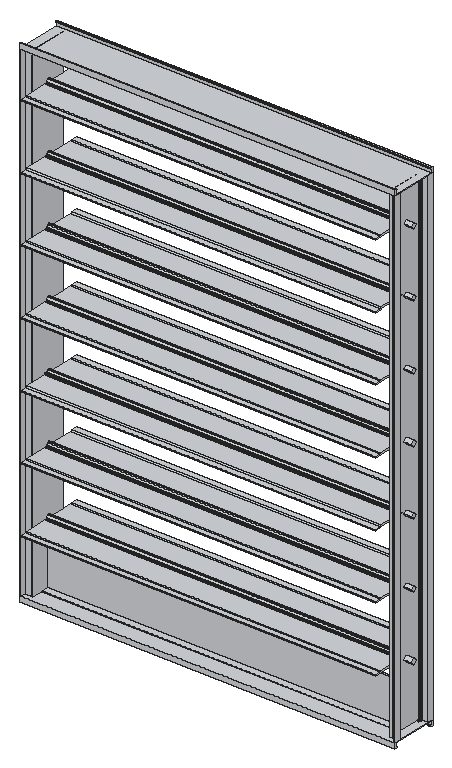
Revit family "MD-105,106", category Mechanical Equipment, Revit 2015
Parameters
  URL = "https://unitedenertech.com/catalog/pdf/A_25,%2026%20MD-105,106.pdf"
  Type Comments = "Max. Single Section Size is (48\"w x 60\"h)"
  Model = "MD-105, MD-106"
  Manufacturer = "United Enertech Corporation"
  Keynote = "This model is only a representation of the product, blade position will vary from built dampers."
  Exact Width = 3' - 0"
  Exact Height = 4' - 0"
  Description = "Opposed Blade / Parallel Blade Manual Balancing Damper"
  Blade Spacing = 0' - 6 1/4"
  Blade Number [instance] = rounddown((Exact Height - 0' 2 3/4") / Blade Spacing)  # 7
  BW [instance] = Exact Width - 0' 1 15/16"  # 2' - 10 1/16"
Reference planes (in)
  plane 1 "Center (Front/Back)": y = 0
  plane 2: z = 0
  plane 3 "Center (Left/Right)": x = 0
  plane 4: x = -18
  plane 5: x = 18
  plane 6: z = 48
  plane 7: z = 0.5
  plane 8: z = 47.5
  plane 9: x = -17.125
  plane 10: x = 17.125
  plane 11: z = 43.95446
Forms (in)
  Extrusion 1, solid
    sketch origin (-10.94563, 56.53311, 0) x (0, 1, 0) y (-1, 0, 0)
      loop
        line (-56.53311, 6.97437) -> (-56.07011, 6.97437) -> (-56.07011, 6.17937) -> (-52.49611, 6.17937) -> (-52.49611, 6.97437) -> (-52.03311, 6.97437) -> (-52.03311, 7.05437) -> (-52.57611, 7.05437) -> (-52.57611, 6.46516) -> (-52.61757, 6.51649) -> (-52.6794, 6.56048) -> (-52.75426, 6.58054) -> (-52.77072, 6.48933)
        arc (-52.77072, 6.48933) -> (-52.68095, 6.36712) -> (-52.81664, 6.43482) r 0.078
        line (-52.81664, 6.43482) -> (-52.90129, 6.4267) -> (-52.87778, 6.33896) -> (-52.8428, 6.29687) -> (-52.79089, 6.25937) -> (-55.76027, 6.25937) -> (-55.71053, 6.30912) -> (-55.67609, 6.36632) -> (-55.67078, 6.44579) -> (-55.75297, 6.44579)
        arc (-55.75297, 6.44579) -> (-55.87883, 6.36035) -> (-55.80226, 6.4918) r 0.078
        line (-55.80226, 6.4918) -> (-55.81534, 6.5768) -> (-55.90864, 6.5518) -> (-55.94901, 6.51604) -> (-55.99011, 6.45116) -> (-55.99011, 7.05437) -> (-56.53311, 7.05437) -> (-56.53311, 6.97437)
    from 0.5 to 47.5
  Extrusion 2, solid
    sketch origin (10.94563, 56.53311, 0) x (0, 1, 0) y (-1, 0, 0)
      loop
        line (-56.53311, -6.97437) -> (-56.53311, -7.05437) -> (-55.99011, -7.05437) -> (-55.99011, -6.45116) -> (-55.94901, -6.51604) -> (-55.90864, -6.5518) -> (-55.81534, -6.5768) -> (-55.80226, -6.4918)
        arc (-55.80226, -6.4918) -> (-55.87883, -6.36035) -> (-55.75297, -6.44579) r 0.078
        line (-55.75297, -6.44579) -> (-55.67078, -6.44579) -> (-55.67609, -6.36632) -> (-55.71053, -6.30912) -> (-55.76027, -6.25937) -> (-52.79089, -6.25937) -> (-52.8428, -6.29687) -> (-52.87778, -6.33896) -> (-52.90129, -6.4267) -> (-52.81664, -6.43482)
        arc (-52.81664, -6.43482) -> (-52.68095, -6.36712) -> (-52.77072, -6.48933) r 0.078
        line (-52.77072, -6.48933) -> (-52.75426, -6.58054) -> (-52.6794, -6.56048) -> (-52.61757, -6.51649) -> (-52.57611, -6.46516) -> (-52.57611, -7.05437) -> (-52.03311, -7.05437) -> (-52.03311, -6.97437) -> (-52.49611, -6.97437) -> (-52.49611, -6.17937) -> (-56.07011, -6.17937) -> (-56.07011, -6.97437) -> (-56.53311, -6.97437)
    from 0.5 to 47.5
  Extrusion 3, solid
    sketch origin (-23.46325, -52.03311, -12.20737) x (0, -1, 0) y (0, 0, 1)
      loop
        line (-56.34511, 12.28737) -> (-56.45311, 12.28737) -> (-56.45311, 12.62737) -> (-52.11311, 12.62737) -> (-52.11311, 12.28737) -> (-52.22111, 12.28737) -> (-52.22111, 12.20737) -> (-52.03311, 12.20737) -> (-52.03311, 12.70737) -> (-56.53311, 12.70737) -> (-56.53311, 12.20737) -> (-56.34511, 12.20737) -> (-56.34511, 12.28737)
    from -41.46325 to -5.46325
  Extrusion 4, solid
    sketch origin (-35.31788, -52.03311, 54.20737) x (0, -1, 0) y (0, 0, -1)
      loop
        line (-56.34511, 6.28737) -> (-56.45311, 6.28737) -> (-56.45311, 6.62737) -> (-52.11311, 6.62737) -> (-52.11311, 6.28737) -> (-52.22111, 6.28737) -> (-52.22111, 6.20737) -> (-52.03311, 6.20737) -> (-52.03311, 6.70737) -> (-56.53311, 6.70737) -> (-56.53311, 6.20737) -> (-56.34511, 6.20737) -> (-56.34511, 6.28737)
    from 17.31788 to 53.31788
  Extrusion 5, solid
    sketch origin (-54.80861, -46.85261, 19.59636) x (0, -1, 0) y (0, 0, -1)
      loop
        line (-49.18361, -27.40464) -> (-49.18361, -27.90364) -> (-48.43361, -27.90364) -> (-48.43361, -27.82364) -> (-49.10261, -27.82364) -> (-49.10261, -27.40464) -> (-49.18361, -27.40464)
    from 37.68361 to 71.93361
  Extrusion 6, solid
    sketch origin (0, 7.30319, -4.76393) x (0, 1, 0) y (0, 0, 1)
      loop
        line (-5.05319, 5.26393) -> (-5.05319, 9.26393) -> (-5.13572, 9.26393) -> (-5.13572, 5.34205) -> (-5.80319, 5.34205) -> (-5.80319, 5.26393) -> (-5.05319, 5.26393)
    from -17.125 to 17.125
Dimensions and locks (in)
  equal spacing: plane 4, plane 3 "Center (Left/Right)", plane 5
  "Exact Width": plane 4 to plane 5
  "Exact Height": plane 6 to level
  locked: plane 7 to level at 0.5
  locked: plane 6 to plane 8 at 0.5
  locked: plane 4 to plane 9 at 0.875
  locked: plane 10 to plane 5 at 0.875
  locked: plane 8 to plane 11 at 3.54554
  equal spacing: group 1, group 2, group 3, group 4, group 5, group 6, group 7  (x2)
  equal spacing: group 7, group 6, group 5, group 4, group 3, group 2, group 1
  "Blade Spacing": nested 1 to nested 2
  aligned and locked: level to plane 2
  aligned and locked: Extrusion 1 to plane 7
  aligned and locked: Extrusion 2 to plane 7
  aligned and locked: plane 5 to Extrusion 3
  aligned and locked: plane 4 to Extrusion 3
  aligned and locked: plane 6 to Extrusion 4
  aligned and locked: plane 5 to Extrusion 4
  aligned and locked: plane 4 to Extrusion 4
  aligned and locked: plane 8 to Extrusion 1
  aligned and locked: plane 8 to Extrusion 2
  aligned and locked: Extrusion 5 to Extrusion 4
  aligned and locked: plane 10 to Extrusion 5
  aligned and locked: Extrusion 5 to plane 9
  aligned and locked: plane 3 "Center (Left/Right)" to nested 1
  aligned and locked: plane 11 to nested 1
  aligned and locked: plane 10 to Extrusion 6
  aligned and locked: Extrusion 6 to plane 9
Automatic sketch dimensions
  plane 1 "Center (Front/Back)" to Extrusion 1 sketch curve = 0' - 0"
  Extrusion 1 sketch curve to plane 9 = 0' - 0"
  Extrusion 1 sketch curve to plane 4 = 0' - 0"  (x2)
  Extrusion 1 sketch curve to plane 4 = 0' - 0.08"  (x2)
  Extrusion 1 sketch curve to plane 1 "Center (Front/Back)" = 0' - 0.463"
  Extrusion 1 sketch curve to Extrusion 1 sketch curve = 0' - 0.08"  (x2)
  Extrusion 1 sketch curve to Extrusion 1 sketch curve = 0' - 0.0411"
  Extrusion 1 sketch curve to Extrusion 1 sketch curve = 0' - 0.04037"
  Extrusion 1 sketch curve to Extrusion 1 sketch curve = 0' - 0.08303"
  Extrusion 1 sketch curve to Extrusion 1 sketch curve = 0' - 0.0933"
  Extrusion 1 sketch curve to plane 9 = 0' - 0.31242"
  Extrusion 1 sketch curve to Extrusion 1 sketch curve = 0' - 0.02335"
  Extrusion 1 sketch curve to plane 9 = 0' - 0.08"
  Extrusion 1 sketch curve to Extrusion 1 sketch curve = 0' - 0.06534"
  Extrusion 1 sketch curve to Extrusion 1 sketch curve = 0' - 0.04929"
  Extrusion 1 sketch curve to plane 9 = 0' - 0.12974"
  Extrusion 1 sketch curve to Extrusion 1 sketch curve = 0' - 0.04974"
  Extrusion 1 sketch curve to plane 9 = 0' - 0.18694"
  Extrusion 1 sketch curve to Extrusion 1 sketch curve = 0' - 0.03444"
  Extrusion 1 sketch curve to Extrusion 1 sketch curve = 0' - 0.00531"
  Extrusion 1 sketch curve to plane 9 = 0' - 0.24733"
  Extrusion 1 sketch curve to Extrusion 1 sketch curve = 0' - 2.76949"
  Extrusion 1 sketch curve to plane 9 = 0' - 0.15959"
  Extrusion 1 sketch curve to Extrusion 1 sketch curve = 0' - 0.02351"
  Extrusion 1 sketch curve to plane 9 = 0' - 0.11749"
  Extrusion 1 sketch curve to Extrusion 1 sketch curve = 0' - 0.03498"
  Extrusion 1 sketch curve to plane 9 = 0' - 0.25544"
  Extrusion 1 sketch curve to Extrusion 1 sketch curve = 0' - 0.08465"
  Extrusion 1 sketch curve to Extrusion 1 sketch curve = 0' - 0.05191"
  Extrusion 1 sketch curve to plane 9 = 0' - 0.30996"
  Extrusion 1 sketch curve to Extrusion 1 sketch curve = 0' - 0.04592"
  Extrusion 1 sketch curve to plane 9 = 0' - 0.40116"
  Extrusion 1 sketch curve to Extrusion 1 sketch curve = 0' - 0.01646"
  Extrusion 1 sketch curve to Extrusion 1 sketch curve = 0' - 0.03011"
  Extrusion 1 sketch curve to plane 9 = 0' - 0.3811"
  Extrusion 1 sketch curve to Extrusion 1 sketch curve = 0' - 0.07486"
  Extrusion 1 sketch curve to plane 9 = 0' - 0.33712"
  Extrusion 1 sketch curve to Extrusion 1 sketch curve = 0' - 0.06183"
  Extrusion 1 sketch curve to Extrusion 1 sketch curve = 0' - 0.04146"
  Extrusion 1 sketch curve to Extrusion 1 sketch curve = 0' - 0.463"
  Extrusion 1 sketch curve to Extrusion 1 sketch curve = 0' - 0.07442"
  Extrusion 1 sketch curve to Extrusion 1 sketch curve = 0' - 0.03378"
  Extrusion 1 sketch curve to Extrusion 1 sketch curve = 0' - 0.05133"
  Extrusion 1 sketch curve to Extrusion 1 sketch curve = 0' - 0.06488"
  Extrusion 1 sketch curve to Extrusion 1 sketch curve = 0' - 0.03576"
  Extrusion 1 sketch curve to Extrusion 1 sketch curve = 0' - 0.085"
  plane 1 "Center (Front/Back)" to Extrusion 2 sketch curve = 0' - 0"
  Extrusion 2 sketch curve to plane 10 = 0' - 0"
  Extrusion 2 sketch curve to plane 5 = 0' - 0"  (x2)
  plane 5 to Extrusion 2 sketch curve = 0' - 0.08"  (x2)
  Extrusion 2 sketch curve to Extrusion 2 sketch curve = 0' - 0.463"  (x2)
  Extrusion 2 sketch curve to Extrusion 2 sketch curve = 0' - 0.08"  (x2)
  Extrusion 2 sketch curve to Extrusion 2 sketch curve = 0' - 0.0411"
  Extrusion 2 sketch curve to Extrusion 2 sketch curve = 0' - 0.04037"
  Extrusion 2 sketch curve to Extrusion 2 sketch curve = 0' - 0.08303"
  Extrusion 2 sketch curve to Extrusion 2 sketch curve = 0' - 0.0933"
  Extrusion 2 sketch curve to plane 10 = 0' - 0.31242"
  Extrusion 2 sketch curve to Extrusion 2 sketch curve = 0' - 0.02335"
  Extrusion 2 sketch curve to plane 10 = 0' - 0.08"
  Extrusion 2 sketch curve to Extrusion 2 sketch curve = 0' - 0.06534"
  Extrusion 2 sketch curve to Extrusion 2 sketch curve = 0' - 0.04929"
  Extrusion 2 sketch curve to plane 10 = 0' - 0.12974"
  Extrusion 2 sketch curve to Extrusion 2 sketch curve = 0' - 0.04974"
  Extrusion 2 sketch curve to plane 10 = 0' - 0.18694"
  Extrusion 2 sketch curve to Extrusion 2 sketch curve = 0' - 0.03444"
  Extrusion 2 sketch curve to Extrusion 2 sketch curve = 0' - 0.00531"
  Extrusion 2 sketch curve to plane 10 = 0' - 0.24733"
  Extrusion 2 sketch curve to Extrusion 2 sketch curve = 0' - 2.76949"
  Extrusion 2 sketch curve to plane 10 = 0' - 0.15959"
  Extrusion 2 sketch curve to Extrusion 2 sketch curve = 0' - 0.02351"
  Extrusion 2 sketch curve to plane 10 = 0' - 0.11749"
  Extrusion 2 sketch curve to Extrusion 2 sketch curve = 0' - 0.03498"
  Extrusion 2 sketch curve to plane 10 = 0' - 0.25544"
  Extrusion 2 sketch curve to Extrusion 2 sketch curve = 0' - 0.08465"
  Extrusion 2 sketch curve to Extrusion 2 sketch curve = 0' - 0.05191"
  Extrusion 2 sketch curve to plane 10 = 0' - 0.30996"
  Extrusion 2 sketch curve to Extrusion 2 sketch curve = 0' - 0.04592"
  Extrusion 2 sketch curve to plane 10 = 0' - 0.40116"
  Extrusion 2 sketch curve to Extrusion 2 sketch curve = 0' - 0.01646"
  Extrusion 2 sketch curve to Extrusion 2 sketch curve = 0' - 0.07602"
  Extrusion 2 sketch curve to plane 10 = 0' - 0.3811"
  Extrusion 2 sketch curve to Extrusion 2 sketch curve = 0' - 0.07486"
  Extrusion 2 sketch curve to plane 10 = 0' - 0.33712"
  Extrusion 2 sketch curve to Extrusion 2 sketch curve = 0' - 0.06183"
  Extrusion 2 sketch curve to Extrusion 2 sketch curve = 0' - 0.04146"
  Extrusion 2 sketch curve to Extrusion 2 sketch curve = 0' - 0.07442"
  Extrusion 2 sketch curve to Extrusion 2 sketch curve = 0' - 0.03378"
  Extrusion 2 sketch curve to Extrusion 2 sketch curve = 0' - 0.05133"
  Extrusion 2 sketch curve to Extrusion 2 sketch curve = 0' - 0.06488"
  Extrusion 2 sketch curve to Extrusion 2 sketch curve = 0' - 0.03576"
  Extrusion 2 sketch curve to Extrusion 2 sketch curve = 0' - 0.085"
  Extrusion 3 sketch curve to level = 0' - 0"  (x2)
  Extrusion 3 sketch curve to plane 7 = 0' - 0"
  Extrusion 3 sketch curve to plane 1 "Center (Front/Back)" = 0' - 0"
  Extrusion 3 sketch curve to plane 1 "Center (Front/Back)" = 0' - 0.08"
  Extrusion 3 sketch curve to Extrusion 3 sketch curve = 0' - 0.108"  (x2)
  Extrusion 3 sketch curve to Extrusion 3 sketch curve = 0' - 4.124"
  Extrusion 3 sketch curve to plane 7 = 0' - 0.08"
  Extrusion 3 sketch curve to Extrusion 3 sketch curve = 0' - 0.08"
  level to Extrusion 3 sketch curve = 0' - 0.08"  (x2)
  plane 8 to Extrusion 4 sketch curve = 0' - 0"
  Extrusion 4 sketch curve to plane 6 = 0' - 0"  (x2)
  Extrusion 4 sketch curve to plane 1 "Center (Front/Back)" = 0' - 0"
  Extrusion 4 sketch curve to plane 1 "Center (Front/Back)" = 0' - 0.08"
  Extrusion 4 sketch curve to Extrusion 4 sketch curve = 0' - 0.108"  (x2)
  Extrusion 4 sketch curve to plane 6 = 0' - 0.08"  (x2)
  Extrusion 4 sketch curve to Extrusion 4 sketch curve = 0' - 4.124"
  Extrusion 4 sketch curve to Extrusion 4 sketch curve = 0' - 0.08"
  plane 8 to Extrusion 4 sketch curve = 0' - 0.08"
  plane 7 to Extrusion 5 sketch curve = 3' - 11"
  Extrusion 5 sketch curve to plane 1 "Center (Front/Back)" = 0' - 2.331"
  Extrusion 5 sketch curve to Extrusion 5 sketch curve = 0' - 0.081"
  Extrusion 5 sketch curve to Extrusion 5 sketch curve = 0' - 0.669"
  Extrusion 5 sketch curve to Extrusion 5 sketch curve = 0' - 0.08"
  Extrusion 5 sketch curve to Extrusion 5 sketch curve = 0' - 0.419"
  Extrusion 6 sketch curve to plane 1 "Center (Front/Back)" = 0' - 2.16746"
  Extrusion 6 sketch curve to Extrusion 6 sketch curve = 0' - 0.08254"
  Extrusion 6 sketch curve to Extrusion 6 sketch curve = 0' - 0 5/64"
  Extrusion 6 sketch curve to Extrusion 6 sketch curve = 0' - 3 59/64"
  Extrusion 6 sketch curve to Extrusion 6 sketch curve = 0' - 0.66746"
  Extrusion 6 sketch curve to plane 7 = 0' - 0"
Nested families (in)
  nested 1: "CDBLADE" at (0, -2.64852, 38.0092), type "CDBLADE"
    with Blade Width 2' - 10 1/16"
  nested 2: "CDBLADE" at (0, -2.64852, 31.7592), type "CDBLADE"
    with Blade Width 2' - 10 1/16"
  nested 3: "CDBLADE" at (0, -2.64852, 25.5092), type "CDBLADE"
    with Blade Width 2' - 10 1/16"
  nested 4: "CDBLADE" at (0, -2.64852, 19.2592), type "CDBLADE"
    with Blade Width 2' - 10 1/16"
  nested 5: "CDBLADE" at (0, -2.64852, 13.0092), type "CDBLADE"
    with Blade Width 2' - 10 1/16"
  nested 6: "CDBLADE" at (0, -2.64852, 6.7592), type "CDBLADE"
    with Blade Width 2' - 10 1/16"
  nested 7: "CDBLADE" at (0, -2.64852, 0.5092), type "CDBLADE"
    with Blade Width 2' - 10 1/16"
Definition of nested family "CDBLADE"
  Parameters (values of type "CDBLADE")
    Blade Width = 2' - 0"
  Reference planes (in)
    plane 1 "Center (Front/Back)": y = 0
    plane 2: z = 0
    plane 3 "Center (Left/Right)": x = 0
    plane 4: x = -12
    plane 5: x = 12
    plane 6: x = 13
    plane 7: x = 10
    plane 8: x = -10
    plane 9: x = -13
  Forms (in)
    Extrusion 1, solid
      sketch origin (-4.01787, 39.3726, 0.84574) x (0, 1, 0) y (0, 0, 1)
        loop
          line (-34.73332, 5.15315) -> (-34.47458, 4.89351) -> (-34.21494, 5.15234) -> (-34.47408, 5.41148) -> (-34.73332, 5.15315)
      from 14.01787 to 17.01787
    Extrusion 2, solid
      sketch origin (-4.01787, -27.59093, -0.63909) x (0, -1, 0) y (0, 0, -1)
        loop
          line (-35.80383, -6.69185) -> (-35.80383, -6.77356) -> (-35.19434, -6.77356) -> (-35.13423, -6.68767) -> (-32.97747, -6.69982) -> (-32.83541, -6.72864) -> (-32.73109, -6.79397) -> (-32.56192, -6.96162) -> (-32.49539, -6.99587) -> (-32.43982, -6.98181) -> (-32.38723, -6.93174) -> (-32.25542, -6.79981) -> (-32.17789, -6.744) -> (-32.09104, -6.71015) -> (-31.98943, -6.69867) -> (-29.80199, -6.67883) -> (-29.73737, -6.58434) -> (-29.17594, -6.58434) -> (-29.17594, -6.49977) -> (-29.78569, -6.49977) -> (-29.84356, -6.5857) -> (-32.02043, -6.57341) -> (-32.24214, -6.52605) -> (-32.26394, -6.60365) -> (-32.23071, -6.63677) -> (-32.48945, -6.89631) -> (-32.74909, -6.63757) -> (-32.49035, -6.37794) -> (-32.41459, -6.45346) -> (-32.34512, -6.38399) -> (-32.42473, -6.30635) -> (-32.5126, -6.28231) -> (-32.57292, -6.32333) -> (-32.71384, -6.46424) -> (-32.7897, -6.52327) -> (-32.8836, -6.56221) -> (-32.98369, -6.5746) -> (-35.17817, -6.59456) -> (-35.24451, -6.69185) -> (-35.80383, -6.69185)
      from -7.98213 to 16.01787
    Extrusion 3, solid
      sketch origin (-13.76787, -29.57556, 0.84574) x (0, -1, 0) y (0, 0, -1)
        loop
          line (-34.73332, -5.15315) -> (-34.47408, -5.41148) -> (-34.21494, -5.15234) -> (-34.47458, -4.89351) -> (-34.73332, -5.15315)
      from 0.76787 to 3.76787
  Dimensions and locks (in)
    equal spacing: plane 4, plane 3 "Center (Left/Right)", plane 5
    "Blade Width": plane 4 to plane 5
    locked: plane 9 to plane 4 at 1
    locked: plane 4 to plane 8 at 2
    locked: plane 7 to plane 5 at 2
    locked: plane 5 to plane 6 at 1
    aligned and locked: level to plane 2
    aligned and locked: Extrusion 1 to plane 6
    aligned and locked: plane 7 to Extrusion 1
    aligned and locked: plane 9 to Extrusion 3
    aligned and locked: Extrusion 3 to plane 8
    aligned and locked: plane 5 to Extrusion 2
    aligned and locked: plane 4 to Extrusion 2
  Automatic sketch dimensions
    Extrusion 1 sketch curve to plane 1 "Center (Front/Back)" = 0' - 4.63929"
    Extrusion 1 sketch curve to Extrusion 1 sketch curve = 0' - 0.25873"
    Extrusion 1 sketch curve to Extrusion 1 sketch curve = 0' - 0.25923"
    Extrusion 1 sketch curve to Extrusion 1 sketch curve = 0' - 0.25914"
    level to Extrusion 1 sketch curve = 0' - 5.73925"
    Extrusion 1 sketch curve to Extrusion 1 sketch curve = 0' - 0.25883"
    Extrusion 1 sketch curve to Extrusion 1 sketch curve = 0' - 0.25964"
    Extrusion 2 sketch curve to plane 1 "Center (Front/Back)" = 0' - 8.2129"
    Extrusion 2 sketch curve to Extrusion 2 sketch curve = 0' - 0.55932"
    Extrusion 2 sketch curve to Extrusion 2 sketch curve = 0' - 0.05017"
    Extrusion 2 sketch curve to Extrusion 2 sketch curve = 0' - 0.06634"
    Extrusion 2 sketch curve to Extrusion 2 sketch curve = 0' - 0.04394"
    Extrusion 2 sketch curve to Extrusion 2 sketch curve = 0' - 2.15054"
    Extrusion 2 sketch curve to Extrusion 2 sketch curve = 0' - 0.00621"
    Extrusion 2 sketch curve to Extrusion 2 sketch curve = 0' - 0.10009"
    Extrusion 2 sketch curve to Extrusion 2 sketch curve = 0' - 0.14206"
    Extrusion 2 sketch curve to Extrusion 2 sketch curve = 0' - 0.0939"
    Extrusion 2 sketch curve to Extrusion 2 sketch curve = 0' - 0.04061"
    Extrusion 2 sketch curve to Extrusion 2 sketch curve = 0' - 0.10431"
    Extrusion 2 sketch curve to Extrusion 2 sketch curve = 0' - 0.07586"
    Extrusion 2 sketch curve to Extrusion 2 sketch curve = 0' - 0.14092"
    Extrusion 2 sketch curve to Extrusion 2 sketch curve = 0' - 0.16917"
    Extrusion 2 sketch curve to Extrusion 2 sketch curve = 0' - 0.06032"
    Extrusion 2 sketch curve to Extrusion 2 sketch curve = 0' - 0.06653"
    Extrusion 2 sketch curve to Extrusion 2 sketch curve = 0' - 0.02225"
    Extrusion 2 sketch curve to Extrusion 2 sketch curve = 0' - 0.07248"
    Extrusion 2 sketch curve to Extrusion 2 sketch curve = 0' - 0.05557"
    Extrusion 2 sketch curve to Extrusion 2 sketch curve = 0' - 0.08788"
    Extrusion 2 sketch curve to Extrusion 2 sketch curve = 0' - 0.07576"
    Extrusion 2 sketch curve to Extrusion 2 sketch curve = 0' - 0.0526"
    Extrusion 2 sketch curve to Extrusion 2 sketch curve = 0' - 0.06947"  (x2)
    Extrusion 2 sketch curve to Extrusion 2 sketch curve = 0' - 0.15066"
    Extrusion 2 sketch curve to Extrusion 2 sketch curve = 0' - 0.1318"
    Extrusion 2 sketch curve to Extrusion 2 sketch curve = 0' - 0.0218"
    Extrusion 2 sketch curve to Extrusion 2 sketch curve = 0' - 0.03322"
    Extrusion 2 sketch curve to Extrusion 2 sketch curve = 0' - 0.07753"
    Extrusion 2 sketch curve to Extrusion 2 sketch curve = 0' - 0.08685"
    Extrusion 2 sketch curve to Extrusion 2 sketch curve = 0' - 0.0706"
    Extrusion 2 sketch curve to Extrusion 2 sketch curve = 0' - 0.1016"
    Extrusion 2 sketch curve to Extrusion 2 sketch curve = 0' - 2.14587"
    Extrusion 2 sketch curve to Extrusion 2 sketch curve = 0' - 0.04157"
    Extrusion 2 sketch curve to Extrusion 2 sketch curve = 0' - 0.05787"
    Extrusion 2 sketch curve to Extrusion 2 sketch curve = 0' - 0.04833"
    Extrusion 2 sketch curve to Extrusion 2 sketch curve = 0' - 0.56142"
    level to Extrusion 2 sketch curve = 0' - 6.35678"
    Extrusion 2 sketch curve to Extrusion 2 sketch curve = 0' - 0.01406"
    Extrusion 2 sketch curve to Extrusion 2 sketch curve = 0' - 0.03425"
    Extrusion 2 sketch curve to Extrusion 2 sketch curve = 0' - 0.05007"
    Extrusion 2 sketch curve to Extrusion 2 sketch curve = 0' - 0.06531"
    Extrusion 2 sketch curve to Extrusion 2 sketch curve = 0' - 0.13193"
    Extrusion 2 sketch curve to Extrusion 2 sketch curve = 0' - 0.16765"
    Extrusion 2 sketch curve to Extrusion 2 sketch curve = 0' - 0.02041"
    Extrusion 2 sketch curve to Extrusion 2 sketch curve = 0' - 0.05581"
    Extrusion 2 sketch curve to Extrusion 2 sketch curve = 0' - 0.06533"
    Extrusion 2 sketch curve to Extrusion 2 sketch curve = 0' - 0.03385"
    Extrusion 2 sketch curve to Extrusion 2 sketch curve = 0' - 0.02882"
    Extrusion 2 sketch curve to Extrusion 2 sketch curve = 0' - 0.01149"
    Extrusion 2 sketch curve to Extrusion 2 sketch curve = 0' - 0.08171"
    Extrusion 2 sketch curve to Extrusion 2 sketch curve = 0' - 0.08589"
    Extrusion 2 sketch curve to Extrusion 2 sketch curve = 0' - 0.01983"
    Extrusion 2 sketch curve to Extrusion 2 sketch curve = 0' - 0.09106"
    Extrusion 2 sketch curve to Extrusion 2 sketch curve = 0' - 0.10723"
    Extrusion 2 sketch curve to Extrusion 2 sketch curve = 0' - 0.03312"
    Extrusion 2 sketch curve to Extrusion 2 sketch curve = 0' - 0.09311"
    Extrusion 2 sketch curve to Extrusion 2 sketch curve = 0' - 0.09314"
    Extrusion 2 sketch curve to Extrusion 2 sketch curve = 0' - 0.09449"
    Extrusion 2 sketch curve to Extrusion 2 sketch curve = 0' - 0.12522"
    Extrusion 2 sketch curve to Extrusion 2 sketch curve = 0' - 0.12526"
    Extrusion 2 sketch curve to Extrusion 2 sketch curve = 0' - 0.01239"
    Extrusion 2 sketch curve to Extrusion 2 sketch curve = 0' - 0.0776"
    Extrusion 2 sketch curve to Extrusion 2 sketch curve = 0' - 0.03894"
    Extrusion 2 sketch curve to Extrusion 2 sketch curve = 0' - 0.08457"
    Extrusion 2 sketch curve to Extrusion 2 sketch curve = 0' - 0.05902"
    Extrusion 2 sketch curve to Extrusion 2 sketch curve = 0' - 0.07552"
    Extrusion 2 sketch curve to Extrusion 2 sketch curve = 0' - 0.05461"
    Extrusion 2 sketch curve to Extrusion 2 sketch curve = 0' - 0.07159"
    Extrusion 2 sketch curve to Extrusion 2 sketch curve = 0' - 0.04101"
    Extrusion 3 sketch curve to plane 1 "Center (Front/Back)" = 0' - 5.15775"
    Extrusion 3 sketch curve to Extrusion 3 sketch curve = 0' - 0.25873"
    Extrusion 3 sketch curve to Extrusion 3 sketch curve = 0' - 0.25923"
    Extrusion 3 sketch curve to Extrusion 3 sketch curve = 0' - 0.25914"  (x2)
    level to Extrusion 3 sketch curve = 0' - 6.25722"
    Extrusion 3 sketch curve to Extrusion 3 sketch curve = 0' - 0.25833"
